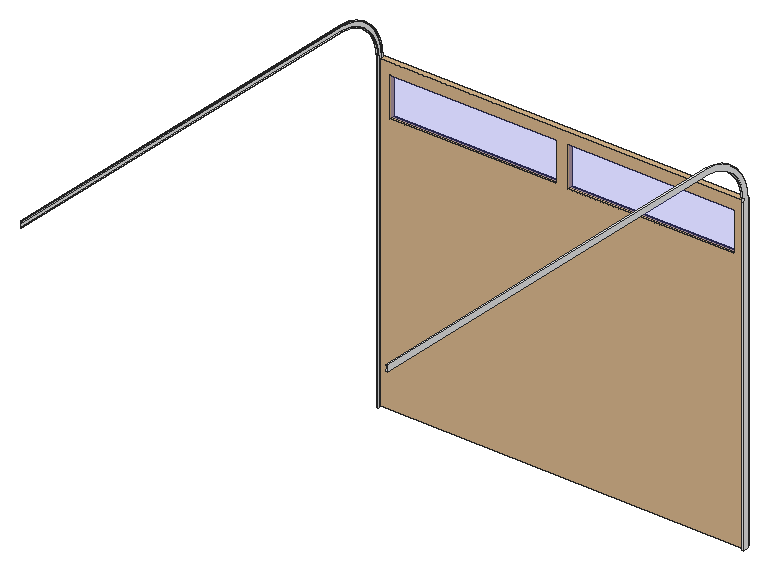
Revit family
Parameters (values of type "7Ft H x 8Ft W")
  Track Width = Width + 0' 2"  # 8' - 2"
  Track Height = Height + 1' 0"  # 8' - 0"
  Track Depth = 10' - 0"
  Track = Metal
  SmartBIM Object Version = 1  # constant formula
  SmartBIM Object Created By = "Reed Construction Data"  # constant formula
  Rough Width = 0' - 0"
  Rough Height = 0' - 0"
  Panel Thickness = 0' - 1 1/2"
  Manufacturer = ""
  Height = 7' - 0"
  Wall Closure = (empty or 0)
  Width = 8' - 0"
  Door Glass = Glass
  Door = Wood
  95 CSI = "08360"  # constant formula
  04 CSI = "08 36 13"  # constant formula
Types (3): name | Track Width | Width
  (no name) | 8' - 2" | 8' - 0"
  7Ft H x 8Ft W | 8' - 2" | 8' - 0"
  7Ft H x 16Ft W | 16' - 2" | 16' - 0"
Reference planes (in)
  plane 1 "Center (Front/Back)": y = 0
  plane 2 "Center (Left/Right)": x = 0
  plane 3 "Left": x = -48
  plane 4 "Right": x = 48
  plane 5 "Top": z = 84
  plane 6: x = -49
  plane 7: x = 49
  plane 8: y = -3.25
  plane 9: z = 81
  plane 10: y = -3.5
  plane 11: y = -3.5
  plane 12 "Ext": y = -4.25
  plane 13: y = -3.5
  plane 14 "Int": y = -2.75
  plane 15: z = 3
  plane 16: z = 58.71429
  plane 17: y = -3.5
  plane 18: z = 69.85714
  plane 19: z = 47.57143
  plane 20: z = 36.42857
  plane 21: z = 25.28571
  plane 22: z = 14.14286
Forms (in)
  Extrusion 1, solid, material "Wood" <- "Door"
    sketch origin (0, 0, 0) x (1, 0, 0) y (0, 0, 1)
      loop
        line (-49, 84) -> (-49, 0) -> (49, 0) -> (49, 84) -> (-49, 84)
      loop
        line (-46.5, 81) -> (-46.5, 70.35714) -> (-1.5, 70.35714) -> (-1.5, 81) -> (-46.5, 81)
      loop
        line (1.5, 81) -> (1.5, 70.35714) -> (46.5, 70.35714) -> (46.5, 81) -> (1.5, 81)
    from 2.75 to 4.25
  Extrusion 2, solid, material "Glass" <- "Door Glass"
    sketch origin (0, -4.25, 0) x (1, 0, 0) y (0, 0, 1)
      loop
        line (-46.5, 70.35714) -> (-1.5, 70.35714) -> (-1.5, 81) -> (-46.5, 81) -> (-46.5, 70.35714)
      loop
        line (1.5, 70.35714) -> (46.5, 70.35714) -> (46.5, 81) -> (1.5, 81) -> (1.5, 70.35714)
    from -1 to -0.5
Lines and regions (in)
  Opening 1
    outline origin (-90, -2.75, 0) x (1, 0, 0) y (0, 0, 1)
      loop
        line (42, 0) -> (138, 0) -> (138, 84) -> (42, 84) -> (42, 0)
  model lines
    curve 1: line (-46.5, -4.25, 59.21429) -> (-46.5, -4.25, 69.35714)
    curve 2: line (46.5, -2.75, 59.21429) -> (46.5, -2.75, 69.35714)
    curve 3: line (-1.5, -4.25, 69.35714) -> (-46.5, -4.25, 69.35714)
    curve 4: line (-46.5, -4.25, 59.21429) -> (-1.5, -4.25, 59.21429)
    curve 5: line (-1.5, -4.25, 69.35714) -> (-1.5, -4.25, 59.21429)
    curve 6: line (-46.5, -4.25, 58.21429) -> (-46.5, -4.25, 48.07143)
    curve 7: line (-1.5, -4.25, 48.07143) -> (-46.5, -4.25, 48.07143)
    curve 8: line (-46.5, -4.25, 58.21429) -> (-1.5, -4.25, 58.21429)
    curve 9: line (-1.5, -4.25, 48.07143) -> (-1.5, -4.25, 58.21429)
    curve 10: line (-46.5, -4.25, 36.92857) -> (-46.5, -4.25, 47.07143)
    curve 11: line (-1.5, -4.25, 47.07143) -> (-46.5, -4.25, 47.07143)
    curve 12: line (-46.5, -4.25, 36.92857) -> (-1.5, -4.25, 36.92857)
    curve 13: line (-1.5, -4.25, 47.07143) -> (-1.5, -4.25, 36.92857)
    curve 14: line (-46.5, -4.25, 35.92857) -> (-46.5, -4.25, 25.78571)
    curve 15: line (-1.5, -4.25, 25.78571) -> (-46.5, -4.25, 25.78571)
    curve 16: line (-46.5, -4.25, 35.92857) -> (-1.5, -4.25, 35.92857)
    curve 17: line (-1.5, -4.25, 25.78571) -> (-1.5, -4.25, 35.92857)
    curve 18: line (-46.5, -4.25, 14.64286) -> (-46.5, -4.25, 24.78571)
    curve 19: line (-1.5, -4.25, 24.78571) -> (-46.5, -4.25, 24.78571)
    curve 20: line (-46.5, -4.25, 14.64286) -> (-1.5, -4.25, 14.64286)
    curve 21: line (-1.5, -4.25, 24.78571) -> (-1.5, -4.25, 14.64286)
    curve 22: line (-46.5, -4.25, 13.64286) -> (-46.5, -4.25, 3)
    curve 23: line (-1.5, -4.25, 3) -> (-46.5, -4.25, 3)
    curve 24: line (-46.5, -4.25, 13.64286) -> (-1.5, -4.25, 13.64286)
    curve 25: line (-1.5, -4.25, 3) -> (-1.5, -4.25, 13.64286)
    curve 26: line (46.5, -4.25, 59.21429) -> (46.5, -4.25, 69.35714)
    curve 27: line (1.5, -4.25, 69.35714) -> (46.5, -4.25, 69.35714)
    curve 28: line (46.5, -4.25, 59.21429) -> (1.5, -4.25, 59.21429)
    curve 29: line (1.5, -4.25, 69.35714) -> (1.5, -4.25, 59.21429)
    curve 30: line (46.5, -4.25, 58.21429) -> (46.5, -4.25, 48.07143)
    curve 31: line (1.5, -4.25, 48.07143) -> (46.5, -4.25, 48.07143)
    curve 32: line (46.5, -4.25, 58.21429) -> (1.5, -4.25, 58.21429)
    curve 33: line (1.5, -4.25, 48.07143) -> (1.5, -4.25, 58.21429)
    curve 34: line (46.5, -4.25, 36.92857) -> (46.5, -4.25, 47.07143)
    curve 35: line (1.5, -4.25, 47.07143) -> (46.5, -4.25, 47.07143)
    curve 36: line (46.5, -4.25, 36.92857) -> (1.5, -4.25, 36.92857)
    curve 37: line (1.5, -4.25, 47.07143) -> (1.5, -4.25, 36.92857)
    curve 38: line (46.5, -4.25, 35.92857) -> (46.5, -4.25, 25.78571)
    curve 39: line (1.5, -4.25, 25.78571) -> (46.5, -4.25, 25.78571)
    curve 40: line (46.5, -4.25, 35.92857) -> (1.5, -4.25, 35.92857)
    curve 41: line (1.5, -4.25, 25.78571) -> (1.5, -4.25, 35.92857)
    curve 42: line (46.5, -4.25, 14.64286) -> (46.5, -4.25, 24.78571)
    curve 43: line (1.5, -4.25, 24.78571) -> (46.5, -4.25, 24.78571)
    curve 44: line (46.5, -4.25, 14.64286) -> (1.5, -4.25, 14.64286)
    curve 45: line (1.5, -4.25, 24.78571) -> (1.5, -4.25, 14.64286)
    curve 46: line (46.5, -4.25, 13.64286) -> (46.5, -4.25, 3)
    curve 47: line (1.5, -4.25, 3) -> (46.5, -4.25, 3)
    curve 48: line (46.5, -4.25, 13.64286) -> (1.5, -4.25, 13.64286)
    curve 49: line (1.5, -4.25, 3) -> (1.5, -4.25, 13.64286)
    curve 50: line (46.5, -2.75, 69.35714) -> (1.5, -2.75, 69.35714)
    curve 51: line (1.5, -2.75, 59.21429) -> (46.5, -2.75, 59.21429)
    curve 52: line (1.5, -2.75, 69.35714) -> (1.5, -2.75, 59.21429)
    curve 53: line (46.5, -2.75, 58.21429) -> (46.5, -2.75, 48.07143)
    curve 54: line (46.5, -2.75, 48.07143) -> (1.5, -2.75, 48.07143)
    curve 55: line (1.5, -2.75, 58.21429) -> (46.5, -2.75, 58.21429)
    curve 56: line (1.5, -2.75, 48.07143) -> (1.5, -2.75, 58.21429)
    curve 57: line (46.5, -2.75, 36.92857) -> (46.5, -2.75, 47.07143)
    curve 58: line (46.5, -2.75, 47.07143) -> (1.5, -2.75, 47.07143)
    curve 59: line (1.5, -2.75, 36.92857) -> (46.5, -2.75, 36.92857)
    curve 60: line (1.5, -2.75, 47.07143) -> (1.5, -2.75, 36.92857)
    curve 61: line (46.5, -2.75, 35.92857) -> (46.5, -2.75, 25.78571)
    curve 62: line (46.5, -2.75, 25.78571) -> (1.5, -2.75, 25.78571)
    curve 63: line (1.5, -2.75, 35.92857) -> (46.5, -2.75, 35.92857)
    curve 64: line (1.5, -2.75, 25.78571) -> (1.5, -2.75, 35.92857)
    curve 65: line (46.5, -2.75, 14.64286) -> (46.5, -2.75, 24.78571)
    curve 66: line (46.5, -2.75, 24.78571) -> (1.5, -2.75, 24.78571)
    curve 67: line (1.5, -2.75, 14.64286) -> (46.5, -2.75, 14.64286)
    curve 68: line (1.5, -2.75, 24.78571) -> (1.5, -2.75, 14.64286)
    curve 69: line (46.5, -2.75, 13.64286) -> (46.5, -2.75, 3)
    curve 70: line (46.5, -2.75, 3) -> (1.5, -2.75, 3)
    curve 71: line (1.5, -2.75, 13.64286) -> (46.5, -2.75, 13.64286)
    curve 72: line (1.5, -2.75, 3) -> (1.5, -2.75, 13.64286)
    curve 73: line (-46.5, -2.75, 59.21429) -> (-46.5, -2.75, 69.35714)
    curve 74: line (-46.5, -2.75, 69.35714) -> (-1.5, -2.75, 69.35714)
    curve 75: line (-1.5, -2.75, 59.21429) -> (-46.5, -2.75, 59.21429)
    curve 76: line (-1.5, -2.75, 69.35714) -> (-1.5, -2.75, 59.21429)
    curve 77: line (-46.5, -2.75, 58.21429) -> (-46.5, -2.75, 48.07143)
    curve 78: line (-46.5, -2.75, 48.07143) -> (-1.5, -2.75, 48.07143)
    curve 79: line (-1.5, -2.75, 58.21429) -> (-46.5, -2.75, 58.21429)
    curve 80: line (-1.5, -2.75, 48.07143) -> (-1.5, -2.75, 58.21429)
    curve 81: line (-46.5, -2.75, 36.92857) -> (-46.5, -2.75, 47.07143)
    curve 82: line (-46.5, -2.75, 47.07143) -> (-1.5, -2.75, 47.07143)
    curve 83: line (-1.5, -2.75, 36.92857) -> (-46.5, -2.75, 36.92857)
    curve 84: line (-1.5, -2.75, 47.07143) -> (-1.5, -2.75, 36.92857)
    curve 85: line (-46.5, -2.75, 35.92857) -> (-46.5, -2.75, 25.78571)
    curve 86: line (-46.5, -2.75, 25.78571) -> (-1.5, -2.75, 25.78571)
    curve 87: line (-1.5, -2.75, 35.92857) -> (-46.5, -2.75, 35.92857)
    curve 88: line (-1.5, -2.75, 25.78571) -> (-1.5, -2.75, 35.92857)
    curve 89: line (-46.5, -2.75, 14.64286) -> (-46.5, -2.75, 24.78571)
    curve 90: line (-46.5, -2.75, 24.78571) -> (-1.5, -2.75, 24.78571)
    curve 91: line (-1.5, -2.75, 14.64286) -> (-46.5, -2.75, 14.64286)
    curve 92: line (-1.5, -2.75, 24.78571) -> (-1.5, -2.75, 14.64286)
    curve 93: line (-46.5, -2.75, 13.64286) -> (-46.5, -2.75, 3)
    curve 94: line (-46.5, -2.75, 3) -> (-1.5, -2.75, 3)
    curve 95: line (-1.5, -2.75, 13.64286) -> (-46.5, -2.75, 13.64286)
    curve 96: line (-1.5, -2.75, 3) -> (-1.5, -2.75, 13.64286)
Text (in)
  text "Exterior" at (-74.96733, 27.31104, 0), in view "Ref. Level"
  text "Interior" at (-76.69036, -30.31274, 0), in view "Ref. Level"
  text "Exterior" at (0, 40.15149, 123.01588), in view "Right"
  text "Interior" at (0, -64.39139, 123.01588), in view "Right"
  text "Interior" at (0, -31.01599, 123.00693), in view "Left"
  text "Exterior" at (0, 54.57065, 123.00693), in view "Left"
Dimensions and locks (in)
  equal spacing: plane 3 "Left", plane 2 "Center (Left/Right)", plane 4 "Right"
  "Width": plane 3 "Left" to plane 4 "Right"
  locked: plane 6 to plane 3 "Left" at 1
  locked: plane 4 "Right" to plane 7 at 1
  locked: plane 9 to plane 5 "Top" at 3
  plane 2 "Center (Left/Right)" to plane 4 "Right" = 4' - 0"
  plane 2 "Center (Left/Right)" to plane 3 "Left" = 4' - 0"
  host wall to plane 8 to plane 10 = 0' - 0 1/2", 0' - 0 1/4"
  equal spacing: plane 12 "Ext", plane 13, plane 14 "Int"
  "Panel Thickness": plane 14 "Int" to plane 12 "Ext"
  plane 5 "Top" to plane 9 = 0' - 3"
  equal spacing: plane 7, plane 2 "Center (Left/Right)", plane 6
  locked: plane 15 to level at 3
  locked: plane 6 to Extrusion 1 sketch curve at 2.5
  locked: plane 2 "Center (Left/Right)" to Extrusion 1 sketch curve at 1.5
  locked: Extrusion 1 sketch curve to plane 2 "Center (Left/Right)" at 1.5
  "Height": plane 5 "Top" to level
  equal spacing: Extrusion 2, plane 17, Extrusion 2
  locked: Extrusion 2 to Extrusion 2 at 0.5
  locked: curve 1 to plane 3 "Left" at 1.5
  locked: curve 2 to plane 4 "Right" at 1.5
  equal spacing: plane 9, plane 18, plane 16, plane 19, plane 20, plane 21, plane 22, plane 15
  locked: Extrusion 1 sketch curve to plane 18 at 0.5
  locked: plane 18 to curve 3 at 0.5
  equal spacing: curve 4, plane 16, curve 8
  locked: curve 4 to curve 8 at 1
  equal spacing: curve 7, plane 19, curve 11
  locked: curve 7 to curve 11 at 1
  equal spacing: curve 12, plane 20, curve 16
  locked: curve 12 to curve 16 at 1
  equal spacing: curve 15, plane 21, curve 19
  locked: curve 15 to curve 19 at 1
  equal spacing: curve 20, plane 22, curve 24
  locked: curve 20 to curve 24 at 1
  locked: curve 26 to plane 4 "Right" at 1.5
  equal spacing: curve 5, plane 2 "Center (Left/Right)", curve 29
  locked: curve 5 to curve 29 at 3
  locked: curve 50 to plane 18 at 0.5
  equal spacing: curve 55, plane 16, curve 51
  locked: curve 55 to curve 51 at 1
  equal spacing: curve 58, plane 19, curve 54
  locked: curve 58 to curve 54 at 1
  equal spacing: curve 63, plane 20, curve 59
  locked: curve 63 to curve 59 at 1
  equal spacing: curve 66, plane 21, curve 62
  locked: curve 66 to curve 62 at 1
  equal spacing: curve 71, plane 22, curve 67
  locked: curve 71 to curve 67 at 1
  equal spacing: curve 52, plane 2 "Center (Left/Right)", curve 76
  locked: curve 52 to curve 76 at 3
  locked: plane 3 "Left" to curve 73 at 1.5
  aligned and locked: plane 3 "Left" to Opening 1 sketch curve
  aligned and locked: plane 5 "Top" to Opening 1 sketch curve  (x2)
  aligned and locked: Opening 1 sketch curve to plane 4 "Right"
  aligned and locked: Opening 1 sketch curve to level
  aligned and locked: Extrusion 1 sketch curve to plane 6
  aligned and locked: Extrusion 1 sketch curve to plane 7
  aligned and locked: Extrusion 1 sketch curve to level
  aligned and locked: Extrusion 1 sketch curve to host wall
  aligned and locked: plane 10 to plane 11
  aligned and locked: host wall to plane 14 "Int"
  aligned and locked: plane 11 to plane 13
  aligned and locked: plane 12 "Ext" to Extrusion 1
  aligned and locked: Extrusion 1 to host wall
  aligned and locked: Extrusion 2 sketch curve to Extrusion 1  (x8)
  aligned and locked: plane 17 to plane 13
  aligned and locked: Extrusion 1 sketch curve to Extrusion 1 sketch curve
  aligned and locked: curve 1 to curve 6
  aligned and locked: curve 10 to curve 6
  aligned and locked: curve 6 to curve 14
  aligned and locked: curve 18 to curve 6
  aligned and locked: curve 6 to curve 22
  aligned and locked: curve 9 to Extrusion 1
  aligned and locked: Extrusion 1 to curve 13
  aligned and locked: curve 17 to Extrusion 1
  aligned and locked: Extrusion 1 to curve 21
  aligned and locked: curve 25 to Extrusion 1
  aligned and locked: curve 23 to plane 15
  aligned and locked: curve 3 to curve 27
  aligned and locked: curve 28 to curve 4
  aligned and locked: curve 33 to curve 29
  aligned and locked: curve 33 to curve 37
  aligned and locked: curve 41 to curve 37
  aligned and locked: curve 41 to curve 45
  aligned and locked: curve 49 to curve 45
  aligned and locked: curve 26 to curve 30
  aligned and locked: curve 34 to curve 30
  aligned and locked: curve 34 to curve 38
  aligned and locked: curve 42 to curve 38
  aligned and locked: curve 42 to curve 46
  aligned and locked: curve 23 to curve 47
  aligned and locked: curve 48 to curve 24
  aligned and locked: curve 44 to curve 20
  aligned and locked: curve 19 to curve 43
  aligned and locked: curve 15 to curve 39
  aligned and locked: curve 40 to curve 16
  aligned and locked: curve 36 to curve 12
  aligned and locked: curve 11 to curve 35
  aligned and locked: curve 7 to curve 31
  aligned and locked: curve 32 to curve 8
  aligned and locked: plane 15 to curve 70
  aligned and locked: curve 2 to curve 53
  aligned and locked: curve 57 to curve 53
  aligned and locked: curve 57 to curve 61
  aligned and locked: curve 65 to curve 61
  aligned and locked: curve 65 to curve 69
  aligned and locked: curve 80 to curve 76
  aligned and locked: curve 80 to curve 84
  aligned and locked: curve 88 to curve 84
  aligned and locked: curve 88 to curve 92
  aligned and locked: curve 96 to curve 92
  aligned and locked: curve 94 to plane 15
  aligned and locked: curve 73 to curve 77
  aligned and locked: curve 81 to curve 77
  aligned and locked: curve 81 to curve 85
  aligned and locked: curve 89 to curve 85
  aligned and locked: curve 89 to curve 93
  aligned and locked: curve 74 to curve 50
  aligned and locked: curve 51 to curve 75
  aligned and locked: curve 55 to curve 79
  aligned and locked: curve 78 to curve 54
  aligned and locked: curve 82 to curve 58
  aligned and locked: curve 59 to curve 83
  aligned and locked: curve 63 to curve 87
  aligned and locked: curve 86 to curve 62
  aligned and locked: curve 90 to curve 66
  aligned and locked: curve 67 to curve 91
  aligned and locked: curve 71 to curve 95
  aligned and locked: nested 1 to plane 2 "Center (Left/Right)"
  aligned and locked: nested 1 to plane 12 "Ext"
Automatic sketch dimensions
  Extrusion 1 sketch curve to plane 9 = 0' - 0"  (x2)
  plane 4 "Right" to Extrusion 1 sketch curve = 0' - 1 1/2"
  plane 2 "Center (Left/Right)" to curve 72 = 0' - 1 1/2"
  curve 68 to curve 71 = 0' - 0"
  plane 2 "Center (Left/Right)" to curve 54 = 0' - 1 1/2"
  plane 2 "Center (Left/Right)" to curve 64 = 0' - 1 1/2"
  curve 58 to curve 54 = 0' - 0"
Nested families (in)
  nested 1: "Door Track" at (-0.5, -65, 0), Width <- "Track Width", Height <- "Track Height", Depth <- "Track Depth", type "Door Track"
    with Width 8' - 2", Height 8' - 0", Depth 10' - 0"
Definition of nested family "Door Track"
  Parameters
    Width [instance] = 10' - 0"
    Track = Metal
    Height [instance] = 11' - 0"
    Depth [instance] = 8' - 0"
  Reference planes (in)
    plane 1 "Center (Front/Back)": y = 0
    plane 2: z = 0
    plane 3 "Center (Left/Right)": x = 0.5
    plane 4 "Back": y = 48
    plane 5 "Front": y = -48
    plane 6 "Left": x = -59.5
    plane 7 "Right": x = 60.5
    plane 8 "Top": z = 132
    plane 9 "Center (Up/Down)": z = 66
    plane 10: y = 48.75
    plane 11: y = 49.5
  Forms (in)
    Sweep 1, solid, material "Metal" <- "Track"
      path origin (60.5, 60, 48) x (0, 1, 0) y (0, 0, 1)
        loop
          line (-12, -48) -> (-12, 72)
          arc (-12, 72) -> (-15.51472, 80.48528) -> (-24, 84) r 12
          line (-24, 84) -> (-108, 84)
      profile origin (60.5, -6, 132) x (0, 0, -1) y (1, 0, 0)
        loop
          line (-1.5, 0) -> (-1.375, 0) -> (-1.375, 0.375) -> (-0.125, 0.375) -> (-0.125, 0) -> (0, 0) -> (0, 0.5) -> (-1.5, 0.5) -> (-1.5, 0)
    Sweep 2, solid, material "Metal" <- "Track"
      path origin (-59.5, 60, 48) x (0, 1, 0) y (0, 0, 1)
        loop
          line (-12, -48) -> (-12, 72)
          arc (-12, 72) -> (-15.51472, 80.48528) -> (-24, 84) r 12
          line (-24, 84) -> (-108, 84)
      profile origin (-59.5, -6, 132) x (0, 0, -1) y (1, 0, 0)
        loop
          line (-1.5, 0) -> (-1.5, -0.5) -> (0, -0.5) -> (0, 0) -> (-0.125, 0) -> (-0.125, -0.375) -> (-1.375, -0.375) -> (-1.375, 0) -> (-1.5, 0)
  Dimensions and locks (in)
    equal spacing: plane 6 "Left", plane 3 "Center (Left/Right)", plane 7 "Right"
    "Width": plane 6 "Left" to plane 7 "Right"
    equal spacing: plane 4 "Back", plane 1 "Center (Front/Back)", plane 5 "Front"
    "Depth": plane 4 "Back" to plane 5 "Front"
    "Height": plane 8 "Top" to plane 2
    equal spacing: plane 8 "Top", plane 9 "Center (Up/Down)", level
    locked: Sweep 2 sketch curve to Sweep 2 sketch curve at 0.125  (x3)
    locked: Sweep 2 sketch curve to Sweep 2 sketch curve at 0.5  (x2)
    locked: Sweep 2 sketch curve to Sweep 2 sketch curve at 1.5
    locked: Sweep 1 sketch curve to Sweep 1 sketch curve at 0.5  (x2)
    locked: Sweep 1 sketch curve to Sweep 1 sketch curve at 0.125  (x3)
    locked: Sweep 1 sketch curve to Sweep 1 sketch curve at 1.5
    equal spacing: plane 4 "Back", plane 10, plane 11
    locked: plane 10 to plane 11 at 0.75
    radius of Sweep 1 sketch curve = 1' - 0"
    radius of Sweep 2 sketch curve = 1' - 0"
    aligned and locked: plane 8 "Top" to Sweep 1 sketch curve  (x2)
    aligned and locked: plane 5 "Front" to Sweep 1 sketch curve
    aligned and locked: plane 4 "Back" to Sweep 1 sketch curve
    aligned and locked: plane 4 "Back" to Sweep 2 sketch curve
    aligned and locked: plane 5 "Front" to Sweep 2 sketch curve
    aligned and locked: level to Sweep 2 sketch curve
    aligned and locked: Sweep 2 sketch curve to profile plane  (x2)
    aligned and locked: Sweep 1 sketch curve to profile plane
    aligned and locked: plane 11 to Sweep 1
  Automatic sketch dimensions
    Sweep 1 sketch curve to level = 0' - 0"
    Sweep 2 sketch curve to plane 8 "Top" = 0' - 0"
